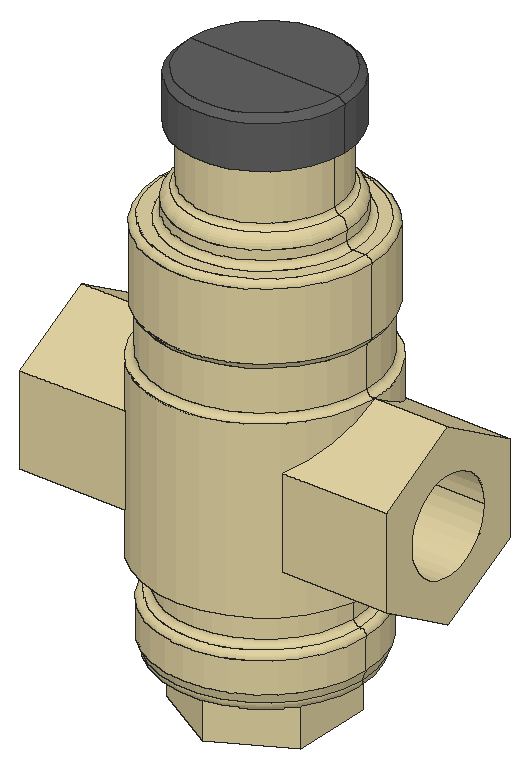
Revit family "HS00060000", category Apparecchi idraulici, Revit 2020
Family settings
  Quota connettore circolare = Usa diametro
  Tipo di parte = Normale
  Numero OmniClass = 23.45.00.00
  Titolo OmniClass = Sanitary, Laundry, and Cleaning Equipment
  Basato su piano di lavoro = No
  Sempre verticale = Sì
  Taglio con vuoti quando caricato = No
  Condiviso = No
  Punto di calcolo locali = No
Parameters
  URL = "https://web.cimberio.it/index.php/figura/895?subcategoria_id=42"
  Temperatura di esercizio = "0 ÷ 80°C"
  Prospetto di default = 0 mm
  Produttore = "CIMBERIO SPA"
  Pressione nominale = "PN 15"
  Modello = "Cim 1020"
  Materiale = "Prodotto in lega di ottone conforme alla norma EN 12165-CW617N-DW."
  Descrizione = "Realizzato in ottemperanza ai requisiti gestionali della norma EN ISO 9001. Collaudato al 100% secondo la normativa EN 12266-1."
  DN Model [instance] = HS00061015 : HS00061015
  DN [instance] = 15 mm
  Commenti sul tipo = "Utilizzato nei più svariati settori dell'impiantistica: reti di distribuzione acqua potabile, impianti di riscaldamento, condizionamento, igienico-sanitari e in generale con ogni fluido non corrosivo."
Reference planes
  plane 1 "Centro (Fronte/Retro)": y = 0
  plane 2: z = 0
  plane 3 "Centro (Sinistra/Destra)": x = 0
Dimensions and locks
  aligned and locked: level to plane 2
Nested families
  nested 1: "HS00061015" at (0, 0, 0), type <- "DN Model", type "HS00061015"
  nested 2: "HS00061015" at (0, 0, 0), type <- "DN Model", type "HS00061015"
  nested 3: "HS00061015" at (0, 0, 0), type <- "DN Model", type "HS00061015"
Connectors
  piping at (30, 0, 0), diameter 15, driven by "DN"
    settings: on nested 1, index 1, connector inside diameter 609.6 mm, connector length 0 mm, flow factor 0, pipe flow 0.0 L/s, pressure drop 0.0 Pa, fitting loss kfactor 0, connector angle 0.00°, fixture units 0, engagement length 0 mm, angle of deflection 0.00°, flow configuration 0, flow direction 0, fitting loss method 0, system type 7, joint type 0, gender type 0, connector reference index -1, connector utility 0, adjustable connector no, is connector primary yes, connector description ""
  piping at (-30, 0, 0), diameter 15, driven by "DN"
    settings: on nested 1, index 2, connector inside diameter 609.6 mm, connector length 0 mm, flow factor 0, pipe flow 0.0 L/s, pressure drop 0.0 Pa, fitting loss kfactor 0, connector angle 0.00°, fixture units 0, engagement length 0 mm, angle of deflection 0.00°, flow configuration 0, flow direction 0, fitting loss method 0, system type 7, joint type 0, gender type 0, connector reference index -1, connector utility 0, adjustable connector no, is connector primary no, connector description ""
Definition of nested family "HS00061015"
  Parameters (values of type "HS00061015")
    Default Elevation = 0 mm
  Reference planes
    plane 1 "Centro (Fronte/Retro)": y = 0
    plane 2: z = 0
    plane 3 "Centro (Sinistra/Destra)": x = 0
  Forms (mm)
    Revolve 1, solid
      sketch origin (0, 0, 0) x (1, 0, 0) y (0, 0, 1)
        loop
          line (-7.5, 48.8) -> (-11.5, 48.8) -> (-11.5, 40.34)
          arc (-11.5, 40.34) -> (-11.684, 39.758) -> (-12.168, 39.386) r 1.016
          arc (-12.168, 39.386) -> (-13.129, 38.651) -> (-13.5, 37.5) r 2.024
          line (-13.5, 37.5) -> (-13.5, 36)
          arc (-13.5, 36) -> (-13.793, 35.293) -> (-14.5, 35) r 1
          line (-14.5, 35) -> (-16.5, 35)
          arc (-16.5, 35) -> (-17.207, 34.707) -> (-17.5, 34) r 1
          line (-17.5, 34) -> (-17.5, 23) -> (-16.75, 22) -> (-16.75, 15.408)
          arc (-16.75, 15.408) -> (-17.124, 14.641) -> (-17.959, 14.463) r 0.974
          line (-17.959, 14.463) -> (-17.959, -13.916)
          arc (-17.959, -13.916) -> (-17.664, -13.429) -> (-17.289, -13) r 3.275
          arc (-17.289, -13) -> (-16.923, -12.634) -> (-16.423, -12.5) r 1
          line (-16.423, -12.5) -> (-15.471, -12.5)
          arc (-15.471, -12.5) -> (-14.786, -12.784) -> (-14.502, -13.468) r 0.969
          line (-14.502, -13.468) -> (-14.5, -19)
          arc (-14.5, -19) -> (-14.829, -19.743) -> (-15.6, -20) r 1.004
          arc (-15.6, -20) -> (-16.307, -20.293) -> (-16.6, -21) r 1
          line (-16.6, -21) -> (-16.6, -26) -> (-16, -27.5)
          arc (-16, -27.5) -> (-15.561, -28.56) -> (-14.5, -29) r 1.5
          line (-14.5, -29) -> (-7.5, -29) -> (-7.5, 48.8)
        axis (0, 48.8) -> (0, -29)
      angle from 0 to 360
    Extrusion 2, solid
      sketch origin (0, 0, 0) x (0, 1, 0) y (0, 0, 1)
        loop
          circle (0, 0) r 7.5
        loop
          line (0, 14.5) -> (-12.557, 7.25) -> (-12.557, -7.25) -> (0, -14.5) -> (12.557, -7.25) -> (12.557, 7.25) -> (0, 14.5)
      from -30 to -9.162
    Extrusion 3, solid
      sketch origin (0, 0, 0) x (0, 1, 0) y (0, 0, -1)
        loop
          circle (0, 0) r 7.5
        loop
          line (0, -14.5) -> (12.557, -7.25) -> (12.557, 7.25) -> (0, 14.5) -> (-12.557, 7.25) -> (-12.557, -7.25) -> (0, -14.5)
      from -30 to -7.975
    Extrusion 4, solid
      sketch origin (0, 0, 0) x (1, 0, 0) y (0, 1, 0)
        loop
          line (11, 6.351) -> (0, 12.702) -> (-11, 6.351) -> (-11, -6.351) -> (0, -12.702) -> (11, -6.351) -> (11, 6.351)
      from -36.5 to -29
    Revolve 5, solid
      sketch origin (0, 0, 0) x (1, 0, 0) y (0, 0, 1)
        loop
          line (0, 56.8) -> (-12.15, 56.8) -> (-13.149, 55.801) -> (-13.122, 48.8) -> (0, 48.8) -> (0, 56.8)
        axis (0, 56.8) -> (0, 48.8)
      angle from 0 to 360
  Dimensions and locks
    aligned and locked: level to plane 2
